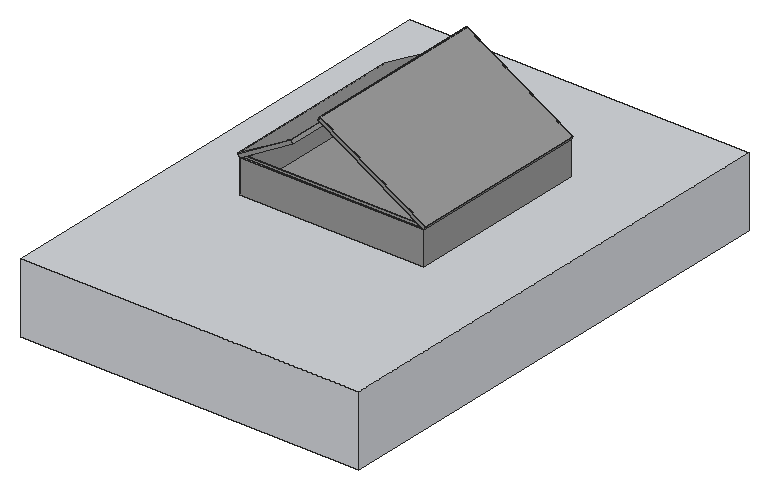
Revit family "Hager-Univers-IP44-D161-H800-Cl.II-FWQ_encl-NL-en", category Equipement électrique, Revit 2020
Family settings
  Hôte = Face
  Configuration du panneau = Deux colonnes, circuits au sein
  Cote de connecteur circulaire = Utiliser le diamètre
  Type d'élément = Tableau de raccordement
  Couper avec des vides une fois chargée = Non
  Partagée = Non
  Point de calcul de pièce = Non
Parameters (values of type "Surface mounted (plaster) IP44 W800 H800 D161  - FWQ53P")
  Width Control [instance] = if([EF000008 - Width] > Min Width, [EF000008 - Width], Min Width)  # 800 mm
  Commentaires du type = [HG000003 - Range]  # "Univers"
  Thickness Door [instance] = if([EF009171 - Material plate thickness door/cover] > 3 mm, 3 mm, [EF009171 - Material plate thickness door/cover])  # 2 mm
  Seal Frame Offset [instance] = 17 mm  # constant formula
  Plinth Visibility [instance] = [HG000027 - Plinth height] > 0 mm  # no
  Model = ""
  Min Width [instance] = 100 mm  # constant formula
  Min Height [instance] = 100 mm  # constant formula
  Min Depth [instance] = (2 * [EF009170 - Material plate thickness cabinet]) + 1 mm  # 5 mm
  Internal Frame Depth [instance] = (Door System Depth * 0.5)  # 9 mm
  Height Control [instance] = if([EF000040 - Height] > Min Height, [EF000040 - Height], Min Height)  # 800 mm
  HG000027 - Plinth height = 0 mm
  HG000026 - Floor standing = no
  HG000024 - Bottom section height = 800 mm
  HG000023 - Double section enclosure = no
  HG000016 - Door 3d visibility [instance] = yes
  HG000015 - Clearance visibility [instance] = no
  HG000014 - Door on the right [instance] = yes
  HG000013 - Door on the left [instance] = not([HG000014 - Door on the right])  # no
  HG000012 - Door swing angle [instance] = 30.00°
  HG000010 - Asymmetric doors = yes
  HG000009 - Double swing door = yes
  HG000006 - Flush mounted = no
  HG000004 - Manufacturer reference = "FWQ53P"
  HG000003 - Range = "Univers"
  HG000002 - With door or cover = yes
  Frame Offset Bottom [instance] = 10 mm  # constant formula
  Frame Offset [instance] = 15 mm  # constant formula
  EF015940 - Cover with overpressure release = no
  EF011959 - Degree of protection (NEMA) = ""
  EF009554 - Number of openings for flange plates = 6
  EF009212 - Cover model = "EV009916 - With notch"
  EF009171 - Material plate thickness door/cover = 2 mm
  EF009170 - Material plate thickness cabinet = 2 mm
  Fabricant = "Hager"  # constant formula
  EF008873 - Nominal current (In) = 125 A
  EF007800 - Suitable for lightning protection = no
  EF006306 - With lock = no
  EF006244 - Transparent cover/door = no
  EF005474 - Degree of protection (IP) = "EV006418 - IP44"
  EF004464 - Type of door = "EV002646 - Single"
  EF004427 - Number of modules = 180
  EF004293 - Impact strength = "EV006815 - IK09"
  EF003532 - Suitable for outdoor use = no
  EF002950 - Width in number of modular spacings = 36
  EF001613 - Circuit integrity = "EV000494 - None"
  EF001596 - Material housing = "EV000179 - Steel"
  EF001131 - Internal depth = 161 mm
  EF001088 - Extension possible = yes
  EF000437 - Number of conduit inlets = 12
  EF000339 - Type of cover = "EV001012 - Cover"
  EF000266 - Number of rows = 3
  EF000218 - Built-in depth = 0 mm
  EF000118 - With mounting plate = yes
  EF000116 - RAL-number = "9010"
  EF000049 - Depth = 161 mm
  EF000040 - Height = 800 mm
  EF000008 - Width = 800 mm
  EF000007 - Colour = "EV000202 - White"
  EF000003 - Mounting method = "EV000384 - Surface mounted (plaster)"
  Door System Leaf Tolerance [instance] = 1.5 mm  # constant formula
  Door System Depth [instance] = 18 mm  # constant formula
  Door Height [instance] = Height Control - [HG000027 - Plinth height]  # 800 mm
  Depth Control [instance] = if([EF000049 - Depth] > Min Depth, [EF000049 - Depth], Min Depth)  # 161 mm
  Default Elevation = 0 mm
  Connector Offset [instance] = Height Control / 2  # 400 mm
  Bottom Top Plate Trim [instance] = 1.5 mm  # constant formula
  Plinth height Ctrl [instance] = if([HG000027 - Plinth height] > 0 mm, [HG000027 - Plinth height], 12 mm)  # 12 mm
Types (4, lengths in mm): name | Width Control | HG000010 - Asymmetric doors | HG000009 - Double swing door | HG000004 - Manufacturer reference | EF009554 - Number of openings for flange plates | EF004427 - Number of modules | EF002950 - Width in number of modular spacings | EF000437 - Number of conduit inlets | EF000266 - Number of rows | EF000008 - Width
  Surface mounted (plaster) IP44 W1050 H800 D161  - FWQ54P | 1050 | no | yes | "FWQ54P" | 8 | 240 | 48 | 16 | 4 | 1050
  Surface mounted (plaster) IP44 W300 H800 D161  - FWQ51P | 300 | no | no | "FWQ51P" | 2 | 60 | 12 | 4 | 1 | 300
  Surface mounted (plaster) IP44 W550 H800 D161  - FWQ52P | 550 | no | no | "FWQ52P" | 4 | 120 | 24 | 8 | 2 | 550
  Surface mounted (plaster) IP44 W800 H800 D161  - FWQ53P | 800 | yes | yes | "FWQ53P" | 6 | 180 | 36 | 12 | 3 | 800
Reference planes
  plane 1 "Center (Front/Back)": y = 0
  plane 2: z = 0
  plane 3 "Center (Left/Right)": x = 0
  plane 4: z = 161
  plane 5: y = 2
  plane 6: y = 400
  plane 7: y = 0
  plane 8: y = 800
  plane 9: z = 0
  plane 10: x = -385
  plane 11: x = 385
  plane 12: x = 383
  plane 13: x = -383
  plane 14: y = 798
  plane 15: x = -383
  plane 16: x = -400
  plane 17: x = 383
  plane 18: x = 400
  plane 19: x = 398
  plane 20: x = -398
  plane 21: y = 12
  plane 22: y = 800
  plane 23: y = 783
  plane 24: z = 143
  plane 25: z = 2
  plane 26: z = 141
  plane 27: z = 159
Forms (mm)
  Extrusion 1, solid
    sketch origin (0, 0, 0) x (1, 0, 0) y (0, 1, 0)
      loop
        line (-702.964, 1305) -> (-702.964, -811.445) -> (766.763, -811.445) -> (766.763, 1305) -> (-702.964, 1305)
    from 0 to -304.8
  Extrusion 2, solid, material "Hager_Steel_RAL7035_Light_Grey", visible <- "Plinth Visibility", detail levels medium+fine
    sketch origin (0, 0, 0) x (1, 0, 0) y (0, 1, 0)
      loop
        line (-400, 0) -> (400, 0) -> (400, 12) -> (-400, 12) -> (-400, 0)
    from 0 to 143
  Extrusion 3, solid, material "Hager_Steel_RAL7035_Light_Grey", detail levels medium+fine
    sketch origin (0, 0, 0) x (1, 0, 0) y (0, 1, 0)
      loop
        line (-400, 0) -> (400, 0) -> (400, 800) -> (-400, 800) -> (-400, 0)
    from 0 to 143
  Extrusion 4, void
    sketch origin (0, 0, 0) x (1, 0, 0) y (0, 1, 0)
      loop
        line (-398, 2) -> (398, 2) -> (398, 798) -> (-398, 798) -> (-398, 2)
    from 2 to 141
  Extrusion 5, void
    sketch origin (-381.607, -4572, 143) x (0, -1, 0) y (-1, 0, 0)
      loop
        line (-4584, 1.393) -> (-5355, 1.393) -> (-5355, -764.607) -> (-4584, -764.607) -> (-4584, 1.393)
    from 0 to 2 <- "EF009170 - Material plate thickness cabinet"
  Extrusion 6, solid, material "Hager_Steel_RAL7035_Light_Grey", detail levels fine
    sketch origin (0, 0, 143) x (1, 0, 0) y (0, 1, 0)
      loop
        line (-383, 783) -> (-383, 12) -> (383, 12) -> (383, 783) -> (-383, 783)
      loop
        line (-385, 10) -> (385, 10) -> (385, 785) -> (-385, 785) -> (-385, 10)
    from 0 to 9 <- "Internal Frame Depth"
  Extrusion 7, solid, material "Hager_Steel_RAL7035_Light_Grey", detail levels coarse
    sketch origin (0, 0, 0) x (1, 0, 0) y (0, 1, 0)
      loop
        line (-400, 0) -> (400, 0) -> (400, 800) -> (-400, 800) -> (-400, 0)
    from 0 to 161
  Sweep 8, void
    path in 3D
      loop
        line (-400, 12, 0) -> (400, 12, 0) -> (400, 12, 143) -> (-400, 12, 143) -> (-400, 12, 0)
    profile origin (-400, 12, 71.5) x (-1, 0, 0) y (0, -1, 0)
      loop
        line (0, 0) -> (0, 1.5) -> (-1.5, 1.5)
        arc (-1.5, 1.5) -> (-1.061, 0.439) -> (0, 0) r 1.5
Cuts and joins
  Extrusion 4, Extrusion 5 cuts Extrusion 3
  Sweep 8 cuts Extrusion 2
Lines and regions (mm)
  Masking region 1
    outline origin (0, 0, 0) x (1, 0, 0) y (0, 0, 1)
      loop
        line (-400, 161) -> (-400, 0) -> (400, 0) -> (400, 161) -> (-400, 161)
  Masking region 2, detail levels medium+fine
    outline origin (0, 140, 0) x (0, 1, 0) y (0, 0, 1)
      loop
        line (-140, 0) -> (660, 0) -> (660, 143) -> (-140, 143) -> (-140, 0)
  Masking region 3, not visible, detail levels medium+fine
    outline origin (0, 297.922, 0) x (0, 1, 0) y (0, 0, 1)
      loop
        line (113.578, 0) -> (153.578, 0) -> (153.578, 149)
        arc (153.578, 149) -> (150.649, 156.071) -> (143.578, 159) r 10
        line (143.578, 159) -> (113.578, 159) -> (113.578, 0)
  Masking region 4, detail levels coarse
    outline origin (0, 0, 180) x (0, 1, 0) y (0, 0, 1)
      loop
        line (0, -180) -> (800, -180) -> (800, -19) -> (0, -19) -> (0, -180)
  Masking region 5, visible <- "Plinth Visibility", detail levels medium+fine
    outline origin (0, 52.24, 12.345) x (0, 0, -1) y (0, 1, 0)
      loop
        line (10.845, -40.24) -> (-129.155, -40.24)
        arc (-129.155, -40.24) -> (-129.594, -41.301) -> (-130.655, -41.74) r 1.5
        line (-130.655, -41.74) -> (-130.655, -52.24) -> (12.345, -52.24) -> (12.345, -41.74)
        arc (12.345, -41.74) -> (11.285, -41.301) -> (10.845, -40.24) r 1.5
  Masking region 6, detail levels medium+fine
    outline origin (-381.607, -4572, 143) x (-1, 0, 0) y (0, -1, 0)
      loop
        line (18.393, -5372) -> (18.393, -4572) -> (-781.607, -4572) -> (-781.607, -5372) -> (18.393, -5372)
  Masking region 7, visible <- "Plinth Visibility", detail levels medium+fine
    outline origin (-381.607, -4727, 143) x (-1, 0, 0) y (0, -1, 0)
      loop
        arc (16.893, -4739) -> (17.332, -4737.939) -> (18.393, -4737.5) r 1.5
        line (18.393, -4737.5) -> (18.393, -4727) -> (-781.607, -4727) -> (-781.607, -4737.5)
        arc (-781.607, -4737.5) -> (-780.546, -4737.939) -> (-780.107, -4739) r 1.5
        line (-780.107, -4739) -> (16.893, -4739)
  Masking region 8, detail levels coarse
    outline origin (-442.548, -4669.526, 143) x (-1, 0, 0) y (0, -1, 0)
      loop
        line (-42.548, -5469.526) -> (-42.548, -4669.526) -> (-842.548, -4669.526) -> (-842.548, -5469.526) -> (-42.548, -5469.526)
  sketch lines
    curve 1: line (-400, 12, 143) -> (-400, 12, 0)
    curve 2: line (400, 12, 143) -> (-400, 12, 143)
    curve 3: line (400, 12, 143) -> (400, 12, 0)
    curve 4: line (-400, 12, 0) -> (400, 12, 0)
Dimensions and locks
  "Depth Control": plane 4 to Extrusion 1
  "HG000027 - Plinth height": plane 1 "Center (Front/Back)" to plane 7
  "EF009170 - Material plate thickness cabinet": plane 5 to plane 7
  locked: connector elem to plane 3 "Center (Left/Right)"
  equal spacing: plane 8, plane 6, plane 7
  locked: connector elem to plane 6
  "EF009170 - Material plate thickness cabinet": plane 8 to plane 14
  "EF009170 - Material plate thickness cabinet": plane 10 to plane 13
  "EF009170 - Material plate thickness cabinet": plane 12 to plane 11
  "Frame Offset": plane 20 to plane 13
  "Frame Offset": plane 12 to plane 19
  "EF009170 - Material plate thickness cabinet": plane 16 to plane 20
  "EF009170 - Material plate thickness cabinet": plane 19 to plane 18
  "Seal Frame Offset": plane 16 to plane 15
  "Seal Frame Offset": plane 17 to plane 18
  "Frame Offset Bottom": plane 21 to plane 5
  "Frame Offset": plane 14 to plane 23
  equal spacing: plane 16, plane 3 "Center (Left/Right)", plane 18
  "Width Control": plane 16 to plane 18
  "EF009170 - Material plate thickness cabinet": plane 4 to plane 27
  "EF009170 - Material plate thickness cabinet": plane 24 to plane 26
  "EF009170 - Material plate thickness cabinet": plane 25 to level
  "Door System Depth": plane 4 to plane 24
  "Height Control": plane 1 "Center (Front/Back)" to Extrusion 7 sketch curve
  "Height Control": Masking region 4 sketch curve to plane 1 "Center (Front/Back)"
  "Height Control": plane 1 "Center (Front/Back)" to plane 22
  "Bottom Top Plate Trim": profile plane to Sweep 8 sketch curve
  "Bottom Top Plate Trim": Sweep 8 sketch curve to profile plane
  "Plinth height Ctrl": plane 1 "Center (Front/Back)" to Extrusion 2 sketch curve
  "Plinth height Ctrl": Masking region 5 sketch curve to plane 1 "Center (Front/Back)"
  "Plinth height Ctrl": plane 1 "Center (Front/Back)" to Masking region 7 sketch curve
  "Thickness Door": Extrusion 6 sketch curve to Extrusion 6 sketch curve  (x3)
  "Thickness Door": cut or joined group of Extrusion 3, Extrusion 4, Extrusion 5 to Extrusion 6 sketch curve
  radius of Masking region 3 sketch curve = 10 mm
  "Bottom Top Plate Trim": radius of Masking region 5 sketch curve  (x2)
  "Bottom Top Plate Trim": radius of Sweep 8 sketch curve
  "Bottom Top Plate Trim": radius of Masking region 7 sketch curve  (x2)
  aligned and locked: plane 2 to Extrusion 1
  aligned and locked: level to Extrusion 1
  aligned and locked: level to Masking region 1 sketch curve
  aligned and locked: Masking region 1 sketch curve to plane 18
  aligned and locked: Masking region 1 sketch curve to plane 16
  aligned and locked: plane 7 to Masking region 2 sketch curve
  aligned and locked: level to Masking region 3 sketch curve
  aligned and locked: Masking region 3 sketch curve to plane 27
  aligned and locked: level to Masking region 2 sketch curve
  aligned and locked: plane 1 "Center (Front/Back)" to Extrusion 2 sketch curve
  aligned and locked: Extrusion 3 sketch curve to plane 7
  aligned and locked: plane 16 to Extrusion 3 sketch curve
  aligned and locked: plane 18 to Extrusion 3 sketch curve
  aligned and locked: plane 20 to Extrusion 4 sketch curve
  aligned and locked: plane 19 to Extrusion 4 sketch curve
  aligned and locked: Extrusion 4 sketch curve to plane 5
  aligned and locked: Extrusion 4 to plane 25
  aligned and locked: plane 26 to Extrusion 4
  aligned and locked: plane 24 to Extrusion 3
  aligned and locked: Extrusion 5 sketch curve to plane 21
  aligned and locked: Extrusion 5 sketch curve to plane 13
  aligned and locked: Extrusion 5 sketch curve to plane 12
  aligned and locked: plane 18 to Extrusion 7 sketch curve
  aligned and locked: plane 1 "Center (Front/Back)" to Extrusion 7 sketch curve
  aligned and locked: plane 16 to Extrusion 7 sketch curve
  aligned and locked: plane 4 to Extrusion 7
  aligned and locked: Extrusion 7 to level
  aligned and locked: level to Masking region 4 sketch curve
  aligned and locked: Masking region 4 sketch curve to plane 1 "Center (Front/Back)"
  aligned and locked: Masking region 4 sketch curve to plane 4
  aligned and locked: nested 1 to level
  aligned and locked: nested 1 to plane 16
  aligned and locked: plane 8 to Extrusion 3 sketch curve
  aligned and locked: plane 23 to Extrusion 5 sketch curve
  aligned and locked: plane 14 to Extrusion 4 sketch curve
  aligned and locked: Masking region 2 sketch curve to plane 8
  aligned and locked: level to Masking region 5 sketch curve
  aligned and locked: plane 16 to Extrusion 2 sketch curve
  aligned and locked: plane 18 to Extrusion 2 sketch curve
  aligned and locked: Masking region 5 sketch curve to plane 24
  aligned and locked: Masking region 2 sketch curve to plane 24
  aligned and locked: plane 24 to Extrusion 2
  aligned and locked: profile plane to Sweep 8 sketch curve  (x2)
  aligned and locked: Masking region 6 sketch curve to plane 18
  aligned and locked: Masking region 6 sketch curve to plane 22
  aligned and locked: Masking region 6 sketch curve to plane 16
  aligned and locked: plane 8 to plane 22
  aligned and locked: Masking region 6 sketch curve to plane 7
  aligned and locked: Masking region 7 sketch curve to plane 16
  aligned and locked: Masking region 7 sketch curve to plane 1 "Center (Front/Back)"
  aligned and locked: Masking region 7 sketch curve to plane 18
  aligned and locked: Masking region 8 sketch curve to plane 1 "Center (Front/Back)"
  aligned and locked: Masking region 8 sketch curve to plane 18
  aligned and locked: Masking region 8 sketch curve to plane 22
  aligned and locked: Masking region 8 sketch curve to plane 16
  aligned and locked: nested 2 to plane 7
  aligned and locked: plane 3 "Center (Left/Right)" to nested 2
  aligned and locked: nested 2 to plane 24
  aligned and locked: Extrusion 6 sketch curve to cut or joined group of Extrusion 3, Extrusion 4, Extrusion 5  (x4)
Automatic sketch dimensions
  Extrusion 1 sketch curve to Extrusion 1 sketch curve = 1469.727 mm
  Extrusion 1 sketch curve to Extrusion 1 sketch curve = 2116.445 mm
  Masking region 1 sketch curve to plane 4 = 0 mm
  plane 6 to Masking region 3 sketch curve = 11.5 mm
  Masking region 3 sketch curve to Masking region 3 sketch curve = 30 mm
  Masking region 5 sketch curve to plane 1 "Center (Front/Back)" = 0 mm
Nested families
  nested 1: "Hager_Enclosure_Symbol" at (-400, 0, 0) x (1, 0, 0) z (0, -1, 0), Height <- "Depth Control", Width <- "Width Control", type "Hager_Enclosure_Symbol"
    with Width_Ctrl 800 mm, Width 800 mm, Height_Ctrl 161 mm, Height 161 mm, A_Width_Int 10.566 mm, A_Width 126.788 mm, A_Height_Ctrl 140.875 mm, A_Height 140.875 mm
  nested 2: "EC000058_Univers_Door" at (0, 0, 143) x (1, 0, 0) z (0, 1, 0), Leaf_Tolerance <- "Door System Leaf Tolerance", Angle <- "HG000012 - Door swing angle", Door_Depth <- "Door System Depth", Door_Left <- "HG000013 - Door on the left", Transparent <- "EF006244 - Transparent cover/door", Assymetrical <- "HG000010 - Asymmetric doors", Width <- "Width Control", Clearance <- "HG000015 - Clearance visibility", Double <- "HG000009 - Double swing door", 3d_Door <- "HG000016 - Door 3d visibility", Lock_Visibility <- "EF006306 - With lock", Width_Ctrl <- "Width Control", Door_Right <- "HG000014 - Door on the right", Door <- "HG000002 - With door or cover", Height <- "Door Height", Thickness <- "Thickness Door", type "EC000058_Univers_Door", detail levels medium+fine
    with min_wh 5 mm, Width_Ctrl 800 mm, Width 800 mm, Transparent no, Thickness 2 mm, Seal_Material Hager_Rubber, Lock_Visibility no, Lock_Material Hager_Plastic_RAL9005_Jet_Black, Leaf_Width 800 mm, Leaf_Tolerance_External_Sides 0 mm, Leaf_Tolerance 1.5 mm, Leaf_Offset 0 mm, Leaf_Height 797 mm, Leaf_2_Width 532.583 mm, Leaf_2_Offset 266.292 mm, Leaf_1_Width 265.917 mm, Leaf_1_Offset 132.958 mm, Height_Ctrl 800 mm, Height 800 mm, Glass_Material Hager_Glass, Double_Clearance_Ctrl no, Double yes, Door_Right_Ctrl yes, Door_Right yes, Door_Material Hager_Steel_RAL7035_Light_Grey, Door_Left_Ctrl yes, Door_Left no, Door_Depth 18 mm, Door yes, Clearance_Material Hager_Clearance, Clearance_Depth 532.583 mm, Clearance_Ctrl no, Clearance no, Assymetrical yes, Angle 30.00°, 3d_Door yes
Connectors
  electrical at (0, 400, 0)
    settings: on plane 9, index 1, voltage 0 V, apparent load 0 VA, apparent load phase1 0 VA, apparent load phase2 0 VA, apparent load phase3 0 VA, power factor 1, load classification "Other", number of poles 1, system type 30, power factor state 1, is connector primary yes, connector utility no, sub classification motor no, connector description ""
Definition of nested family "EC000058_Univers_Door"
  Parameters (values of type "EC000058_Univers_Door")
    min_wh [instance] = (2 * Thickness) + 1 mm  # 11 mm
    Width_Ctrl [instance] = 400 mm
    Width [instance] = 500 mm
    Transparent [instance] = yes
    Thickness [instance] = 5 mm
    Seal_Material [instance] = none
    Lock_Visibility [instance] = yes
    Lock_Material [instance] = none
    Leaf_Width [instance] = if((Width_Ctrl - 2 * Leaf_Tolerance_External_Sides) > 0 mm, (Width_Ctrl - 2 * Leaf_Tolerance_External_Sides), min_wh)  # 400 mm
    Leaf_Tolerance_External_Sides [instance] = 0 mm  # constant formula
    Leaf_Tolerance [instance] = 1.5 mm
    Leaf_Offset [instance] = 0 mm  # constant formula
    Leaf_Height [instance] = if((Height_Ctrl - 2 * Leaf_Tolerance) > 0 mm, (Height_Ctrl - 2 * Leaf_Tolerance), min_wh)  # 497 mm
    Leaf_2_Width [instance] = if(and(and(Double, Assymetrical), Door_Left), (Leaf_Width / 3) - (Leaf_Tolerance / 2), if(and(and(Double, Assymetrical), Door_Right), (Leaf_Width / 3) * 2 - (Leaf_Tolerance / 2), if(and(Double, not(Assymetrical)), (Leaf_Width / 2) - Leaf_Tolerance, Leaf_Width)))  # 400 mm
    Leaf_2_Offset [instance] = if(and(Double, Assymetrical), Leaf_2_Width / 2, if(and(Double, not(Assymetrical)), Leaf_Width / 4, Leaf_Width / 2))  # 200 mm
    Leaf_1_Width [instance] = if(and(and(Double, Assymetrical), Door_Right), (Leaf_Width / 3) - (Leaf_Tolerance / 2), if(and(and(Double, Assymetrical), Door_Left), (Width / 3) * 2 - (Leaf_Tolerance / 2), if(and(Double, not(Assymetrical)), (Leaf_Width / 2) - Leaf_Tolerance, Leaf_Width)))  # 400 mm
    Leaf_1_Offset [instance] = if(and(Double, Assymetrical), Leaf_1_Width / 2, if(and(Double, not(Assymetrical)), Leaf_Width / 4, Leaf_Width / 2))  # 200 mm
    Height_Ctrl [instance] = if(Height > min_wh, Height, min_wh)  # 500 mm
    Height [instance] = 500 mm
    Glass_Material [instance] = none
    Double_Clearance_Ctrl [instance] = and(Double, Clearance)  # no
    Double [instance] = no
    Door_Right_Ctrl [instance] = and(or(Door_Right, Double), Door)  # yes
    Door_Right [instance] = yes
    Door_Material [instance] = none
    Door_Left_Ctrl [instance] = and(or(Door_Left, Double), Door)  # no
    Door_Left [instance] = no
    Door_Depth [instance] = 30 mm
    Door [instance] = yes
    Default Elevation = 1219.2 mm
    Clearance_Material [instance] = none
    Clearance_Depth [instance] = if(Leaf_1_Width > Leaf_2_Width, Leaf_1_Width, Leaf_2_Width)  # 400 mm
    Clearance_Ctrl [instance] = and(not(Double), Clearance)  # yes
    Clearance [instance] = yes
    Assymetrical [instance] = yes
    Angle [instance] = 30.00°
    3d_Door [instance] = yes
  Reference planes
    plane 1 "Center (Front/Back)": y = 0
    plane 2 "Bottom": z = 0
    plane 3 "Center (Left/Right)": x = 0
    plane 4: z = 500
    plane 5: x = -200
    plane 6: x = 200
    plane 7: z = 500
    plane 8: x = -200
    plane 9: z = 0
    plane 10: x = 200
    plane 11: y = 0
    plane 12: z = 1.5
    plane 13: x = -600
    plane 14: y = -400
    plane 15: x = 600
    plane 16: x = 0
    plane 17: x = 0
    plane 18: x = -200
    plane 19: x = 200
    plane 20: z = 498.5
  Forms (mm)
    Extrusion 1, solid, material <- "Clearance_Material", visible <- "Double_Clearance_Ctrl"
      sketch origin (1200, 0, 0) x (1, 0, 0) y (0, 0, -1)
        loop
          line (-1800, -498.5) -> (-600, -498.5) -> (-600, 0) -> (-1800, 0) -> (-1800, -498.5)
      from 0 to -400
  Dimensions and locks
    equal spacing: plane 5, plane 3 "Center (Left/Right)", plane 6
    "Width_Ctrl": plane 5 to plane 6
    "Leaf_Offset": plane 5 to plane 8
    "Leaf_Offset": plane 6 to plane 10
    "Leaf_Offset": plane 9 to level
    "Leaf_Offset": plane 4 to plane 7
    "Height_Ctrl": plane 4 to level
    "Leaf_Tolerance": plane 12 to plane 9
    locked: plane 11 to plane 1 "Center (Front/Back)"
    "Leaf_1_Offset": plane 18 to plane 16
    "Leaf_2_Offset": plane 17 to plane 19
    "Leaf_1_Width": plane 13 to plane 8
    "Leaf_2_Width": plane 10 to plane 15
    "Clearance_Depth": plane 14 to plane 1 "Center (Front/Back)"
    "Leaf_Tolerance_External_Sides": plane 8 to plane 18
    "Leaf_Tolerance_External_Sides": plane 19 to plane 10
    "Leaf_Tolerance": plane 7 to plane 20
    aligned and locked: level to plane 2 "Bottom"
    aligned and locked: nested 1 to plane 16
    aligned and locked: nested 2 to plane 17
    aligned and locked: Extrusion 1 to plane 13
    aligned and locked: plane 15 to Extrusion 1
    aligned and locked: Extrusion 1 to plane 14
    aligned and locked: plane 12 to nested 1
    aligned and locked: nested 2 to plane 12
    aligned and locked: Extrusion 1 to plane 11
    aligned and locked: plane 20 to Extrusion 1
    aligned and locked: nested 2 to plane 11
    aligned and locked: nested 1 to plane 11
  Automatic sketch dimensions
    Extrusion 1 sketch curve to level = 0 mm
    plane 5 to Extrusion 1 sketch curve = 400 mm
    plane 6 to Extrusion 1 sketch curve = 400 mm
    Extrusion 1 sketch curve to plane 4 = 1.5 mm
  Nested families
    nested 1: "EC000058_Univers_Door_Leaf" at (0, 0, 1.5), Width <- "Leaf_1_Width", visible <- "Door_Left_Ctrl", Leaf_Height <- "Leaf_Height", Angle <- "Angle", 3d_Door <- "3d_Door", Transparent <- "Transparent", Clearance Material <- "Clearance_Material", Clearance <- "Clearance_Ctrl", Door_Material <- "Door_Material", Glass_Material <- "Glass_Material", Door_Depth <- "Door_Depth", Lock_Material <- "Lock_Material", Seal_Material <- "Seal_Material", Lock_Visibility <- "Lock_Visibility", Thickness <- "Thickness", type "EC000058_Univers_Door_Leaf"
      with Width 400 mm, Transparent_Glass_Offset 30 mm, Transparent_Ctrl yes, Transparent yes, Thickness 5 mm, Standard no, Seal_Material none, Seal_D2 8 mm, Seal_D1 1 mm, Offset_Internal_Frame 10 mm, Lock_Width 20 mm, Lock_Visibility_3d yes, Lock_Visibility yes, Lock_Thickness_3 3 mm, Lock_Thickness_2 1 mm, Lock_Thickness_1 3 mm, Lock_Radius_Offset_2 16 mm, Lock_Radius_Offset_1 15 mm, Lock_Radius_2 5 mm, Lock_Radius 6 mm, Lock_Offset 5 mm, Lock_Material none, Lock_Height 80 mm, Lock_Cover_Top_Offset_2d 17 mm, Lock_Cover_Height -65 mm, Leaf_Height 497 mm, Internal_Seal_Thickness 8 mm, Internal_Seal_Depth_2 4.5 mm, Internal_Frame_Depth 25 mm, Glass_Thickness -1 mm, Glass_Offset -2 mm, Glass_Material none, Door_Material none, Door_Depth 30 mm, Clearance Material none, Clearance yes, Angle_Ctrl 30.00°, Angle 30.00°, 3d_Door yes
    nested 2: "EC000058_Univers_Door_Leaf" at (0, 0, 1.5) x (-1, 0, 0) z (0, 0, 1), Width <- "Leaf_2_Width", visible <- "Door_Right_Ctrl", Leaf_Height <- "Leaf_Height", Angle <- "Angle", 3d_Door <- "3d_Door", Transparent <- "Transparent", Clearance Material <- "Clearance_Material", Clearance <- "Clearance_Ctrl", Door_Material <- "Door_Material", Glass_Material <- "Glass_Material", Door_Depth <- "Door_Depth", Lock_Material <- "Lock_Material", Seal_Material <- "Seal_Material", Lock_Visibility <- "Lock_Visibility", Thickness <- "Thickness", type "EC000058_Univers_Door_Leaf"
      with Width 400 mm, Transparent_Glass_Offset 30 mm, Transparent_Ctrl yes, Transparent yes, Thickness 5 mm, Standard no, Seal_Material none, Seal_D2 8 mm, Seal_D1 1 mm, Offset_Internal_Frame 10 mm, Lock_Width 20 mm, Lock_Visibility_3d yes, Lock_Visibility yes, Lock_Thickness_3 3 mm, Lock_Thickness_2 1 mm, Lock_Thickness_1 3 mm, Lock_Radius_Offset_2 16 mm, Lock_Radius_Offset_1 15 mm, Lock_Radius_2 5 mm, Lock_Radius 6 mm, Lock_Offset 5 mm, Lock_Material none, Lock_Height 80 mm, Lock_Cover_Top_Offset_2d 17 mm, Lock_Cover_Height -65 mm, Leaf_Height 497 mm, Internal_Seal_Thickness 8 mm, Internal_Seal_Depth_2 4.5 mm, Internal_Frame_Depth 25 mm, Glass_Thickness -1 mm, Glass_Offset -2 mm, Glass_Material none, Door_Material none, Door_Depth 30 mm, Clearance Material none, Clearance yes, Angle_Ctrl 30.00°, Angle 30.00°, 3d_Door yes
  Definition of nested family "EC000058_Univers_Door_Leaf"
    Parameters (values of type "EC000058_Univers_Door_Leaf")
      Width [instance] = 2000 mm
      Transparent_Glass_Offset [instance] = 30 mm
      Transparent_Ctrl [instance] = and(Transparent, [3d_Door])  # yes
      Transparent [instance] = yes
      Thickness [instance] = 5 mm
      Standard [instance] = and(not(Transparent), [3d_Door])  # no
      Seal_Material [instance] = none
      Seal_D2 [instance] = 8 mm  # constant formula
      Seal_D1 [instance] = 1 mm  # constant formula
      Offset_Internal_Frame [instance] = 10 mm  # constant formula
      Lock_Width [instance] = 20 mm  # constant formula
      Lock_Visibility_3d [instance] = and(Lock_Visibility, [3d_Door])  # yes
      Lock_Visibility [instance] = yes
      Lock_Thickness_3 [instance] = 3 mm  # constant formula
      Lock_Thickness_2 [instance] = 1 mm  # constant formula
      Lock_Thickness_1 [instance] = 3 mm  # constant formula
      Lock_Radius_Offset_2 [instance] = Lock_Radius_Offset_1 + 1 mm  # 16 mm
      Lock_Radius_Offset_1 [instance] = 15 mm  # constant formula
      Lock_Radius_2 [instance] = Lock_Radius - 1 mm  # 5 mm
      Lock_Radius [instance] = 6 mm  # constant formula
      Lock_Offset [instance] = 5 mm  # constant formula
      Lock_Material [instance] = none
      Lock_Height [instance] = 80 mm  # constant formula
      Lock_Cover_Top_Offset_2d [instance] = Lock_Radius_Offset_2 + 1 mm  # 17 mm
      Lock_Cover_Height [instance] = -(Lock_Height - Lock_Radius_Offset_1)  # -65 mm
      Leaf_Height [instance] = 2720.336 mm
      Internal_Seal_Thickness [instance] = 8 mm  # constant formula
      Internal_Seal_Depth_2 [instance] = 4.5 mm  # constant formula
      Internal_Frame_Depth [instance] = if(Door_Depth - Thickness > 5 mm, Door_Depth - Thickness, 5 mm)  # 25 mm
      Glass_Thickness [instance] = if(Thickness > 15 mm, Glass_Offset + 10 mm, -1 mm)  # -1 mm
      Glass_Offset [instance] = if(Thickness > 15 mm, -(Thickness + 10 mm) / 2, -2 mm)  # -2 mm
      Glass_Material [instance] = none
      Door_Material [instance] = none
      Door_Depth [instance] = 30 mm
      Default Elevation = 0 mm
      Clearance Material [instance] = none
      Clearance [instance] = yes
      Angle_Ctrl [instance] = if(Angle > 180.00°, 180.00°, Angle)  # 90.00°
      Angle [instance] = 90.00°
      3d_Door [instance] = yes
    Reference planes
      plane 1 "Center (Front/Back)": y = 0
      plane 2: z = 0
      plane 3 "Center (Left/Right)": x = 0
      plane 4: y = 2000
      plane 5: x = -1000
      plane 6: x = 1000
      plane 7: x = -3000
      plane 8: z = 2720.336
      plane 9: z = 30
      plane 10: z = 2690.336
      plane 11: x = 970
      plane 12: x = -970
      plane 13: y = -3
      plane 14: z = 107.833
      plane 15: y = -5
      plane 16: y = -223.314
      plane 17: x = -1000
      plane 18: z = 1360.168
      plane 19: y = 30
    Forms (mm)
      Extrusion 1, solid, material <- "Clearance Material", visible <- "Clearance"
        sketch origin (0, 0, 0) x (1, 0, 0) y (0, 0, 1)
          loop
            line (-3000, 2720.336) -> (-3000, 0) -> (1000, 0) -> (1000, 2720.336) -> (-3000, 2720.336)
        from 0 to -2000
      Extrusion 2, solid, material <- "Door_Material", visible <- "Standard", detail levels medium+fine
        sketch origin (-1000, 0, 0) x (0, 1, 0) y (-1, 0, 0)
          loop
            line (0, 30) -> (0, 25) -> (2000, 25) -> (2000, 30) -> (0, 30)
        from 0 to 2720.336 <- "Leaf_Height"
      Extrusion 3, solid, material <- "Door_Material", visible <- "Transparent_Ctrl", detail levels medium+fine
        sketch origin (-1000, 0, 0) x (0, 1, 0) y (-1, 0, 0)
          loop
            line (0, 25) -> (2000, 25) -> (2000, 30) -> (0, 30) -> (0, 25)
        from 0 to 2720.336 <- "Leaf_Height"
      Extrusion 4, void
        sketch origin (-1025, 2000, 0) x (0, 1, 0) y (0, 0, -1)
          loop
            line (-30, -2690.336) -> (-30, -30) -> (-1970, -30) -> (-1970, -2690.336) -> (-30, -2690.336)
        from 0 to 5 <- "Thickness"
      Sweep 5, solid, material <- "Seal_Material", visible <- "Transparent_Ctrl", detail levels fine
        path in 3D
          loop
            line (-1025, 30, 30) -> (-1025, 30, 2690.336) -> (-1025, 1970, 2690.336) -> (-1025, 1970, 30) -> (-1025, 30, 30)
        profile origin (-1025, 1000, 30) x (1, 0, 0) y (0, 0, 1)
          loop
            line (0, 0) -> (0, -8) -> (1, -8) -> (1, 0) -> (0, 0)
      Extrusion 6, solid, material <- "Glass_Material", visible <- "Transparent_Ctrl", detail levels medium+fine
        sketch origin (-1030, 0, 0) x (0, 1, 0) y (0, 0, -1)
          loop
            line (1970, -2690.336) -> (1970, -30) -> (30, -30) -> (30, -2690.336) -> (1970, -2690.336)
        from -2 <- "Glass_Offset" to -1 <- "Glass_Thickness"
      Extrusion 7, solid, material <- "Door_Material", visible <- "3d_Door", detail levels medium+fine
        sketch origin (-1025, 2000, 0) x (0, -1, 0) y (0, 0, -1)
          loop
            line (0, -2720.336) -> (2000, -2720.336) -> (2000, 0) -> (0, 0) -> (0, -2720.336)
          loop
            line (1995, -5) -> (5, -5) -> (5, -2715.336) -> (1995, -2715.336) -> (1995, -5)
        from 0 to 25 <- "Internal_Frame_Depth"
      Sweep 8, solid, material <- "Seal_Material", visible <- "Transparent_Ctrl", detail levels fine
        path in 3D
          loop
            line (-1025, 0, 0) -> (-1025, 2000, 0) -> (-1025, 2000, 2720.336) -> (-1025, 0, 2720.336) -> (-1025, 0, 0)
        profile origin (-1025, 0, 1360.168) x (1, 0, 0) y (0, 1, 0)
          loop
            line (0, 10) -> (2.975, 10)
            arc (2.975, 10) -> (4.053, 10.447) -> (4.5, 11.525) r 1.525
            line (4.5, 11.525) -> (4.5, 16.527)
            arc (4.5, 16.527) -> (4.069, 17.569) -> (3.027, 18) r 1.473
            line (3.027, 18) -> (0, 18) -> (0, 10)
      Extrusion 9, solid, material <- "Lock_Material", visible <- "Lock_Visibility_3d", detail levels fine
        sketch origin (-1030, 0, 0) x (0, 1, 0) y (0, 0, -1)
          loop
            arc (1993.5, -1400.168) -> (1994.561, -1399.729) -> (1995, -1398.668) r 1.5
            line (1995, -1398.668) -> (1995, -1320.168) -> (1975, -1320.168) -> (1975, -1398.668)
            arc (1975, -1398.668) -> (1975.439, -1399.729) -> (1976.5, -1400.168) r 1.5
            line (1976.5, -1400.168) -> (1993.5, -1400.168)
        from 3 <- "Lock_Thickness_1" to 0
      Blend 10, solid, material <- "Lock_Material", visible <- "Lock_Visibility_3d", detail levels fine
        base sketch origin (-1033, 0, 0) x (0, 1, 0) y (0, 0, -1)
          loop
            line (1975, -1320.168) -> (1975, -1398.668)
            arc (1975, -1398.668) -> (1975.439, -1399.729) -> (1976.5, -1400.168) r 1.5
            line (1976.5, -1400.168) -> (1993.5, -1400.168)
            arc (1993.5, -1400.168) -> (1994.561, -1399.729) -> (1995, -1398.668) r 1.5
            line (1995, -1398.668) -> (1995, -1320.168) -> (1975, -1320.168)
        top sketch origin (-1033, 0, 0) x (0, 1, 0) y (0, 0, -1)
          loop
            line (1976, -1320.168) -> (1976, -1398.668)
            arc (1976, -1398.668) -> (1976.146, -1399.022) -> (1976.5, -1399.168) r 0.5
            line (1976.5, -1399.168) -> (1993.5, -1399.168)
            arc (1993.5, -1399.168) -> (1993.854, -1399.022) -> (1994, -1398.668) r 0.5
            line (1994, -1398.668) -> (1994, -1320.168) -> (1976, -1320.168)
        from 0 to 1 <- "Lock_Thickness_2"
      Blend 11, solid, material <- "Lock_Material", visible <- "Lock_Visibility_3d", detail levels fine
        base sketch origin (-1034, 0, 0) x (0, 1, 0) y (0, 0, -1)
          loop
            line (1978, -1320.168) -> (1978, -1384.168)
            arc (1978, -1384.168) -> (1985, -1391.168) -> (1992, -1384.168) r 7
            line (1992, -1384.168) -> (1992, -1320.168) -> (1978, -1320.168)
        top sketch origin (-1034, 0, 0) x (0, 1, 0) y (0, 0, -1)
          loop
            line (1991, -1320.168) -> (1979, -1320.168) -> (1979, -1383.168)
            arc (1979, -1383.168) -> (1985, -1389.168) -> (1991, -1383.168) r 6
            line (1991, -1383.168) -> (1991, -1320.168)
        from 0 to 3 <- "Lock_Thickness_3"
      Extrusion 12, solid, material <- "Lock_Material", visible <- "Lock_Visibility_3d", detail levels fine
        sketch origin (-1030, 1975, 1320.168) x (1, 0, 0) y (0, -1, 0)
          loop
            line (-7, -19) -> (-7, -1) -> (0, -1) -> (0, 0) -> (-8, 0) -> (-8, -20) -> (0, -20) -> (0, -19) -> (-7, -19)
        from 0 to -65 <- "Lock_Cover_Height"
      Extrusion 13, void
        sketch origin (-1038, 1995, 1320.168) x (-1, 0, 0) y (0, 0, -1)
          loop
            line (-5, -65) -> (0, -65) -> (-5, -60) -> (-5, -65)
        from 0 to 20 <- "Lock_Width"
      Extrusion 14, void
        sketch origin (-1038, 1975, 1320.168) x (0, -1, 0) y (0, 0, -1)
          loop
            circle (-10, -15.995) r 6
          loop
            circle (-10, -15.995) r 5
        from 0 to 2
      Extrusion 15, solid, material <- "Lock_Material", visible <- "Lock_Visibility_3d", detail levels medium
        sketch origin (-1030, 0, 0) x (0, 1, 0) y (0, 0, -1)
          loop
            arc (1993.5, -1400.168) -> (1994.561, -1399.729) -> (1995, -1398.668) r 1.5
            line (1995, -1398.668) -> (1995, -1320.168) -> (1975, -1320.168) -> (1975, -1398.668)
            arc (1975, -1398.668) -> (1975.439, -1399.729) -> (1976.5, -1400.168) r 1.5
            line (1976.5, -1400.168) -> (1993.5, -1400.168)
        from 8 to 0
    Cuts and joins
      Extrusion 4 cuts Extrusion 3
      Extrusion 13, Extrusion 14 cuts Extrusion 9
      Extrusion 14 cuts Blend 11
      Extrusion 13, Extrusion 14 cuts Extrusion 12
      joined: Extrusion 9, Blend 10, Blend 11, Extrusion 12
      Extrusion 14 cuts Extrusion 15
    Lines and regions (mm)
      Masking region 1, visible <- "Lock_Visibility", detail levels fine
        outline origin (0, 0, 0) x (0, 1, 0) y (0, 0, 1)
          loop
            line (30, 1320.168) -> (33, 1320.168) -> (33, 1400.168) -> (30, 1400.168) -> (30, 1320.168)
      Masking region 2, visible <- "Lock_Visibility", detail levels fine
        outline origin (0, 3.143, 0) x (0, 1, 0) y (0, 0, 1)
          loop
            line (29.857, 1354.168) -> (30.857, 1354.168) -> (30.857, 1366.168) -> (29.857, 1366.168) -> (29.857, 1354.168)
      Masking region 3, detail levels medium+fine
        outline origin (0, 0, 0) x (0, 1, 0) y (0, 0, 1)
          loop
            line (0, 0) -> (30, 0) -> (30, 2720.336) -> (0, 2720.336) -> (0, 0)
      Masking region 4, detail levels medium+fine
        outline origin (0, 0, 0) x (1, 0, 0) y (0, 0, 1)
          loop
            line (-1000, 2720.336) -> (-1000, 0) -> (1000, 0) -> (1000, 2720.336) -> (-1000, 2720.336)
      Masking region 5, visible <- "Lock_Visibility", detail levels fine
        outline origin (-47.116, 0, 0) x (1, 0, 0) y (0, 0, 1)
          loop
            arc (1024.616, 1399.168) -> (1023.556, 1398.729) -> (1023.116, 1397.668) r 1.5
            line (1023.116, 1397.668) -> (1023.116, 1320.168) -> (1041.116, 1320.168) -> (1041.116, 1397.668)
            arc (1041.116, 1397.668) -> (1040.677, 1398.729) -> (1039.616, 1399.168) r 1.5
            line (1039.616, 1399.168) -> (1024.616, 1399.168)
      Masking region 6, visible <- "Lock_Visibility", detail levels medium+fine
        outline origin (-25, 0, 0) x (1, 0, 0) y (0, 0, 1)
          loop
            arc (1001.5, 1400.168) -> (1000.439, 1399.729) -> (1000, 1398.668) r 1.5
            line (1000, 1398.668) -> (1000, 1320.168) -> (1020, 1320.168) -> (1020, 1398.668)
            arc (1020, 1398.668) -> (1019.561, 1399.729) -> (1018.5, 1400.168) r 1.5
            line (1018.5, 1400.168) -> (1001.5, 1400.168)
      Masking region 7, visible <- "Lock_Visibility", detail levels fine
        outline origin (-73.735, 0, 0) x (1, 0, 0) y (0, 0, 1)
          loop
            line (1051.735, 1382.168) -> (1065.735, 1382.168) -> (1065.735, 1384.168)
            arc (1065.735, 1384.168) -> (1058.735, 1391.168) -> (1051.735, 1384.168) r 7
            line (1051.735, 1384.168) -> (1051.735, 1382.168)
      Masking region 8, visible <- "Lock_Visibility", detail levels fine
        outline origin (-73.735, 0, 0) x (1, 0, 0) y (0, 0, 1)
          loop
            line (1052.735, 1382.168) -> (1064.735, 1382.168) -> (1064.735, 1383.168)
            arc (1064.735, 1383.168) -> (1058.735, 1389.168) -> (1052.735, 1383.168) r 6
            line (1052.735, 1383.168) -> (1052.735, 1382.168)
      Masking region 9, visible <- "Lock_Visibility", detail levels fine
        outline origin (-25, 0, 0) x (1, 0, 0) y (0, 0, 1)
          loop
            line (1020, 1320.168) -> (1020, 1382.168) -> (1000, 1382.168) -> (1000, 1320.168) -> (1020, 1320.168)
      Masking region 10, detail levels medium+fine
        outline origin (0, 0, 0) x (1, 0, 0) y (0, 0, 1)
          loop
            circle (985, 1335.144) r 6
      Masking region 11, detail levels fine
        outline origin (0, 0, 0) x (1, 0, 0) y (0, 0, 1)
          loop
            circle (985, 1335.144) r 5
      Masking region 12, visible <- "Lock_Visibility", detail levels fine
        outline origin (0, 12.767, 0) x (0, 1, 0) y (0, 0, 1)
          loop
            line (20.233, 1320.168) -> (21.233, 1320.168) -> (21.233, 1399.168) -> (20.233, 1400.168) -> (20.233, 1320.168)
      Masking region 13, visible <- "Lock_Visibility", detail levels fine
        outline origin (0, 13.767, -10) x (0, 1, 0) y (0, 0, 1)
          loop
            line (20.233, 1330.168) -> (23.233, 1330.168) -> (23.233, 1399.168) -> (20.233, 1402.168) -> (20.233, 1330.168)
      Masking region 14, visible <- "Lock_Visibility", detail levels fine
        outline origin (0, 12.767, -10) x (0, 1, 0) y (0, 0, 1)
          loop
            line (20.233, 1330.168) -> (25.233, 1330.168) -> (25.233, 1399.305) -> (20.233, 1394.305) -> (20.233, 1330.168)
      Masking region 15, visible <- "Lock_Visibility", detail levels medium
        outline origin (0, 0, 0) x (0, 1, 0) y (0, 0, 1)
          loop
            line (30, 1320.168) -> (38, 1320.168) -> (38, 1400.168) -> (30, 1400.168) -> (30, 1320.168)
      Masking region 16, visible <- "Lock_Visibility", detail levels fine
        outline origin (-1000, 0, 0) x (0, 1, 0) y (-1, 0, 0)
          loop
            line (1975, 30) -> (1995, 30) -> (1995, 38) -> (1975, 38) -> (1975, 30)
          loop
            line (1979, 37) -> (1976, 37) -> (1976, 34) -> (1978, 34) -> (1979, 37)
          loop
            line (1994, 37) -> (1991, 37) -> (1992, 34) -> (1994, 34) -> (1994, 37)
      Masking region 17, visible <- "Lock_Visibility", detail levels medium
        outline origin (-1000, 0, 0) x (0, 1, 0) y (-1, 0, 0)
          loop
            line (1975, 30) -> (1995, 30) -> (1995, 38) -> (1975, 38) -> (1975, 30)
      symbolic lines
        curve 1: line (1000, 0, 0) -> (-3000, 0, 0)
        curve 2: arc (1000, 0, 0) -> (-1000, 2000, 0) -> (-3000, 0, 0) r 2000
        curve 4: line (-1030, 0, 0) -> (-1030, 2000, 0)
      reference lines
        curve 3: line (-1000, 0, 0) -> (-1000, 2000, 0)
      symbolic lines, detail levels medium+fine
        curve 5: line (-1030, 2000, 0) -> (-1025, 2000, 0)
        curve 7: line (-1025, 0, 0) -> (-1030, 0, 0)
        curve 8: line (-1025, 0, 0) -> (-1000, 0, 0)
        curve 9: line (-1000, 0, 0) -> (-1000, 2000, 0)
        curve 10: line (-1000, 2000, 0) -> (-1025, 2000, 0)
      symbolic lines, detail levels fine
        curve 6: line (-1025, 2000, 0) -> (-1025, 0, 0)
      sketch lines
        curve 11: line (-1025, 0, 2720.336) -> (-1025, 0, 0)
        curve 12: line (-1025, 2000, 0) -> (-1025, 0, 0)
        curve 13: line (-1025, 2000, 2720.336) -> (-1025, 2000, 0)
        curve 14: line (-1025, 0, 2720.336) -> (-1025, 2000, 2720.336)
        curve 15: line (-1025, 1970, 30) -> (-1025, 30, 30)
        curve 16: line (-1025, 30, 30) -> (-1025, 30, 2690.336)
        curve 17: line (-1025, 1970, 2690.336) -> (-1025, 1970, 30)
        curve 18: line (-1025, 30, 2690.336) -> (-1025, 1970, 2690.336)
      symbolic lines, visible <- "Transparent", detail levels medium+fine
        curve 19: line (-970, 0, 2690.336) -> (970, 0, 2690.336)
        curve 20: line (-970, 0, 30) -> (-970, 0, 2690.336)
        curve 21: line (970, 0, 30) -> (-970, 0, 30)
        curve 22: line (970, 0, 2690.336) -> (970, 0, 30)
    Dimensions and locks
      "Width": plane 1 "Center (Front/Back)" to plane 4
      equal spacing: plane 5, plane 3 "Center (Left/Right)", plane 6
      "Width": plane 5 to plane 6
      "Width": plane 7 to plane 5
      "Leaf_Height": plane 8 to level
      "Width": curve 5 to curve 3
      "Width": curve 3 to curve 3
      plane 8 to plane 10 = 30 mm
      plane 9 to level = 30 mm
      plane 12 to plane 5 = 30 mm
      plane 6 to plane 11 = 30 mm
      Extrusion 1 to Extrusion 4 sketch curve = 30 mm
      "Transparent_Glass_Offset": curve 3 to Extrusion 4 sketch curve
      "Transparent_Glass_Offset": Extrusion 4 sketch curve to cut or joined group of Extrusion 3, Extrusion 4  (x2)
      cut or joined group of Extrusion 3, Extrusion 4 to Extrusion 6 sketch curve = 30 mm
      "Transparent_Glass_Offset": cut or joined group of Extrusion 3, Extrusion 4 to Extrusion 4 sketch curve
      "Thickness": curve 6 to curve 4
      "Thickness": Extrusion 7 sketch curve to Extrusion 7 sketch curve  (x4)
      "Door_Depth": curve 4 to curve 3
      "Offset_Internal_Frame": profile plane to Sweep 8 sketch curve
      "Internal_Seal_Thickness": Sweep 8 sketch curve to Sweep 8 sketch curve
      "Internal_Seal_Depth_2": profile plane to Sweep 8 sketch curve
      "Seal_D1": profile plane to Sweep 5 sketch curve
      "Seal_D2": profile plane to Sweep 5 sketch curve
      "Thickness": Extrusion 2 sketch curve to Extrusion 2 sketch curve
      equal spacing: Extrusion 9 sketch curve, plane 18, Extrusion 9 sketch curve  (x2)
      equal spacing: Masking region 1 sketch curve, plane 18, Masking region 1 sketch curve
      "Lock_Height": Masking region 1 sketch curve to Masking region 1 sketch curve
      "Lock_Radius": Masking region 2 sketch curve to plane 18 to Masking region 2 sketch curve
      Masking region 2 sketch curve to Masking region 1 = 1 mm
      "Door_Depth": plane 19 to plane 1 "Center (Front/Back)"
      "Lock_Thickness_1": Masking region 1 sketch curve to plane 19
      "Lock_Width": Extrusion 9 sketch curve to Extrusion 9 sketch curve
      "Lock_Height": Extrusion 9 sketch curve to Extrusion 9 sketch curve
      "Lock_Offset": cut or joined group of Extrusion 3, Extrusion 4 to Extrusion 9 sketch curve
      equal spacing: plane 8, plane 18, level
      "Lock_Radius_Offset_1": Blend 11 sketch curve to Blend 10
      locked: Blend 10 to Blend 11 sketch curve at 2  (x2)
      locked: var sketch to Blend 11 sketch curve at 1  (x2)
      "Lock_Radius_Offset_2": Blend 11 sketch curve to Blend 10
      locked: Extrusion 12 sketch curve to Extrusion 12 sketch curve at 1  (x3)
      Masking region 6 sketch curve to Masking region 6 sketch curve = 80 mm
      "Lock_Height": Masking region 6 sketch curve to Masking region 6 sketch curve
      "Lock_Width": Masking region 6 sketch curve to Masking region 6 sketch curve
      locked: Masking region 6 to Masking region 5 sketch curve at 1  (x3)
      locked: Masking region 5 to Masking region 7 sketch curve at 2  (x2)
      "Lock_Radius_Offset_1": Masking region 5 to Masking region 7 sketch curve
      "Lock_Radius_Offset_2": Masking region 5 to Masking region 8 sketch curve
      locked: Masking region 7 to Masking region 8 sketch curve at 1  (x2)
      "Lock_Cover_Top_Offset_2d": Masking region 5 to Masking region 9 sketch curve
      equal spacing: Masking region 9, Masking region 10 sketch curve, Masking region 9
      equal spacing: Masking region 9, Masking region 11 sketch curve, Masking region 9
      Extrusion 15 sketch curve to Extrusion 15 sketch curve = 80 mm
      "Lock_Width": Extrusion 15 sketch curve to Extrusion 15 sketch curve
      "Lock_Height": Extrusion 15 sketch curve to Extrusion 15 sketch curve
      equal spacing: Extrusion 15 sketch curve, plane 18, Extrusion 15 sketch curve
      "Lock_Thickness_3": Masking region 13 sketch curve to Masking region 13 sketch curve
      "Lock_Height": Masking region 12 sketch curve to Masking region 12 sketch curve
      locked: Masking region 13 sketch curve to Masking region 1 at 8
      locked: Masking region 14 sketch curve to Masking region 13 at 1
      locked: Masking region 14 sketch curve to Masking region 1 at 10.863
      "Lock_Height": Masking region 15 sketch curve to Masking region 15 sketch curve
      "Lock_Offset": Extrusion 15 sketch curve to cut or joined group of Extrusion 3, Extrusion 4
      "Lock_Offset": plane 6 to Masking region 6 sketch curve
      radius of Sweep 8 sketch curve = 1.525 mm
      radius of Sweep 8 sketch curve = 1.473 mm
      radius of Extrusion 9 sketch curve = 1.5 mm  (x2)
      "Lock_Radius": radius of Extrusion 14 sketch curve
      "Lock_Radius_2": radius of Extrusion 14 sketch curve
      "Lock_Radius": radius of Masking region 10 sketch curve
      "Lock_Radius_2": radius of Masking region 11 sketch curve
      radius of Extrusion 15 sketch curve = 1.5 mm  (x2)
      "Angle_Ctrl": angle plane 1 "Center (Front/Back)" to curve 3
      locked: Masking region 12 sketch curve to Masking region 12 sketch curve (angle 45.00°)
      locked: Masking region 13 sketch curve to Masking region 13 sketch curve (angle 45.00°)
      locked: Masking region 14 sketch curve to Masking region 14 sketch curve (angle 45.00°)
      aligned and locked: level to plane 2
      aligned and locked: Extrusion 1 to curve 1
      aligned and locked: plane 6 to Extrusion 1
      aligned and locked: Extrusion 1 to plane 1 "Center (Front/Back)"
      aligned and locked: plane 4 to Extrusion 1
      aligned and locked: plane 8 to Extrusion 1
      aligned and locked: curve 7 to Extrusion 2 sketch curve
      aligned and locked: curve 5 to Extrusion 2 sketch curve
      aligned and locked: curve 7 to Extrusion 3 sketch curve
      aligned and locked: Extrusion 3 sketch curve to curve 4
      aligned and locked: Extrusion 3 sketch curve to curve 6
      aligned and locked: Extrusion 3 sketch curve to curve 5
      aligned and locked: curve 9 to curve 3
      aligned and locked: Extrusion 7 sketch curve to cut or joined group of Extrusion 3, Extrusion 4  (x4)
      aligned and locked: plane 17 to curve 3
      aligned and locked: plane 1 "Center (Front/Back)" to curve 3
      aligned and locked: plane 17 to plane 5
      aligned and locked: Sweep 8 sketch curve to profile plane
      aligned and locked: Sweep 5 sketch curve to profile plane  (x2)
      aligned and locked: Masking region 1 to Masking region 2 sketch curve
      aligned and locked: plane 19 to Masking region 1 sketch curve
      aligned and locked: plane 1 "Center (Front/Back)" to Masking region 3 sketch curve
      aligned and locked: plane 19 to Masking region 3 sketch curve
      aligned and locked: level to Masking region 3 sketch curve
      aligned and locked: Masking region 3 sketch curve to plane 8
      aligned and locked: plane 17 to Masking region 4 sketch curve
      aligned and locked: level to Masking region 4 sketch curve
      aligned and locked: Masking region 4 sketch curve to plane 8
      aligned and locked: plane 12 to curve 20
      aligned and locked: plane 10 to curve 19
      aligned and locked: plane 11 to curve 22
      aligned and locked: curve 21 to plane 9
      aligned and locked: Extrusion 2 sketch curve to cut or joined group of Extrusion 3, Extrusion 4
      aligned and locked: Blend 10 sketch curve to Extrusion 9  (x4)
      aligned and locked: Extrusion 9 to Blend 10 sketch curve
      aligned and locked: Blend 10 to Blend 11 sketch curve
      aligned and locked: Extrusion 12 sketch curve to Blend 11
      aligned and locked: Extrusion 12 sketch curve to Extrusion 9  (x4)
      aligned and locked: Masking region 5 sketch curve to Masking region 6
      aligned and locked: Masking region 9 sketch curve to Masking region 6  (x3)
      aligned and locked: Masking region 12 sketch curve to Masking region 1
      aligned and locked: Masking region 13 sketch curve to Masking region 1
      aligned and locked: Masking region 12 to Masking region 14
      aligned and locked: Masking region 14 sketch curve to Masking region 1
      aligned and locked: Masking region 15 sketch curve to Masking region 14
      aligned and locked: Masking region 13 sketch curve to Masking region 12
      aligned and locked: Masking region 16 sketch curve to cut or joined group of Extrusion 14, Extrusion 15  (x4)
      aligned and locked: Masking region 16 sketch curve to cut or joined group of Extrusion 9, Blend 10, Blend 11, Extrusion 12, Extrusion 13, Extrusion 14  (x6)
      aligned and locked: cut or joined group of Extrusion 9, Blend 10, Blend 11, Extrusion 12, Extrusion 13, Extrusion 14 to Masking region 16 sketch curve
      aligned and locked: Masking region 17 sketch curve to cut or joined group of Extrusion 14, Extrusion 15  (x3)
      aligned and locked: Masking region 17 sketch curve to cut or joined group of Extrusion 9, Blend 10, Blend 11, Extrusion 12, Extrusion 13, Extrusion 14
      aligned and locked: Masking region 9 to Masking region 8 sketch curve
      aligned and locked: Masking region 9 to Masking region 7 sketch curve
    Automatic sketch dimensions
      plane 1 "Center (Front/Back)" to curve 2 = 0 mm
      curve 2 to plane 5 = 0 mm
      Extrusion 1 sketch curve to level = 0 mm
      Extrusion 1 sketch curve to plane 7 = 0 mm
      Extrusion 1 sketch curve to plane 6 = 0 mm
      Extrusion 1 sketch curve to plane 8 = 0 mm
      Extrusion 3 to Extrusion 6 sketch curve = 30 mm  (x4)
      Masking region 4 sketch curve to plane 6 = 0 mm
      Blend 10 sketch curve to Extrusion 9 = 1.5 mm
      Blend 10 sketch curve to Extrusion 9 = 1 mm
      Extrusion 13 sketch curve to Extrusion 12 = 0 mm  (x2)
      Extrusion 12 to Extrusion 13 sketch curve = 3 mm
      Extrusion 13 sketch curve to Extrusion 12 = 5 mm
      Extrusion 14 sketch curve to Extrusion 14 sketch curve = 0 mm  (x2)
      Extrusion 14 sketch curve to Extrusion 12 = 10 mm
      Extrusion 14 sketch curve to Extrusion 12 = 15.995 mm
      Masking region 5 sketch curve to Masking region 5 sketch curve = 1.5 mm  (x2)
      Masking region 10 sketch curve to plane 18 = 25.024 mm
      Masking region 11 sketch curve to plane 18 = 25.024 mm
      plane 19 to Masking region 14 sketch curve = 3 mm
      Masking region 16 sketch curve to Masking region 16 sketch curve = 3 mm
      curve 4 to curve 3 = 0 mm
      Blend 10 to Blend 11 sketch curve = 0 mm
      Masking region 6 sketch curve to Masking region 6 sketch curve = 1.5 mm  (x2)
      Masking region 6 sketch curve to plane 18 = 40 mm
      plane 19 to Masking region 12 sketch curve = 3 mm
      Masking region 12 sketch curve to Masking region 12 sketch curve = 1 mm
      Masking region 15 sketch curve to plane 19 = 0 mm
      Masking region 15 sketch curve to plane 18 = 40 mm
      radius of Blend 10 sketch curve to Extrusion 9 = 1 mm
Definition of nested family "Hager_Enclosure_Symbol"
  Parameters (values of type "Hager_Enclosure_Symbol")
    Width_Ctrl [instance] = if(Width > 1 mm, Width, 1 mm)  # 102.27 mm
    Width [instance] = 102.27 mm
    Height_Ctrl [instance] = if(Height > 1 mm, Height, 1 mm)  # 66.5 mm
    A_Width_Int [instance] = if(A_Width / 12 > 2 mm, A_Width / 12, 2 mm)  # 4.364 mm
    A_Width [instance] = if(A_Height_Ctrl * 0.9 > 2 mm, A_Height_Ctrl * 0.9, 2 mm)  # 52.369 mm
    A_Height_Ctrl [instance] = if(A_Height > 2 mm, A_Height, 2 mm)  # 58.188 mm
    Height [instance] = 66.5 mm
    A_Height [instance] = Height - (Height / 8)  # 58.188 mm
  Reference planes
    plane 1 "Centre (avant/arrière)": y = 0
    plane 2: z = 0
    plane 3 "Centre (gauche/droite)": x = 0
    plane 4: x = 52.369
    plane 5: y = 33.042
    plane 6: y = 41.77
    plane 7: y = 66.5
    plane 8: x = 26.184
    plane 9: y = 37.406
    plane 10: x = 102.27
    plane 11: y = 66.5
    plane 12: y = 8.313
  Lines and regions (mm)
    Filled region 1, type "Solid_Black", in view "Niveau de réf."
      outline origin (0, 0, 0) x (1, 0, 0) y (0, 1, 0)
        loop
          line (52.369, 66.5) -> (33.188, 54.536) -> (45.365, 45.006) -> (52.369, 66.5)
    Filled region 2, type "Solid_Black", in view "Niveau de réf."
      outline origin (0, 0, 0) x (1, 0, 0) y (0, 1, 0)
        loop
          line (0, 0) -> (102.27, 0) -> (102.27, 66.5) -> (0, 0)
    detail lines, in view "Niveau de réf."
      curve 1: line (0, 8.313, 0) -> (26.184, 41.77, 0)
      curve 2: line (26.184, 41.77, 0) -> (26.184, 33.042, 0)
      curve 3: line (26.184, 33.042, 0) -> (52.369, 66.5, 0)
  Dimensions and locks
    "A_Width": plane 3 "Centre (gauche/droite)" to plane 4
    equal spacing: plane 3 "Centre (gauche/droite)", plane 8, plane 4
    equal spacing: plane 6, plane 9, plane 5
    equal spacing: curve 3, Filled region 1 sketch curve, Filled region 1 sketch curve
    "Height_Ctrl": plane 1 "Centre (avant/arrière)" to plane 11
    "A_Height_Ctrl": plane 11 to plane 12
    equal spacing: plane 11, plane 9, plane 12
    "A_Width_Int": plane 6 to plane 9
    "Width_Ctrl": plane 3 "Centre (gauche/droite)" to plane 10
    angle Filled region 1 sketch curve to curve 3 = 20.00°
    angle curve 3 to Filled region 1 sketch curve = 20.00°
    locked: curve 3 to Filled region 1 sketch curve (angle 90.00°)
    aligned and locked: plane 10 to Filled region 2
    aligned and locked: plane 11 to Filled region 2 sketch curve
    aligned and locked: plane 10 to Filled region 2 sketch curve
    aligned and locked: plane 3 "Centre (gauche/droite)" to curve 1
    aligned and locked: plane 12 to curve 1
    aligned and locked: plane 7 to plane 11
  Automatic sketch dimensions
    Filled region 1 sketch curve to plane 4 = 0 mm
    Filled region 1 sketch curve to plane 7 = 0 mm
    plane 1 "Centre (avant/arrière)" to Filled region 2 sketch curve = 0 mm
    Filled region 2 sketch curve to plane 3 "Centre (gauche/droite)" = 0 mm
    curve 2 to plane 6 = 0 mm
    curve 2 to plane 8 = 0 mm
    curve 3 to plane 4 = 0 mm
    curve 2 to plane 5 = 0 mm
    curve 3 to plane 7 = 0 mm
